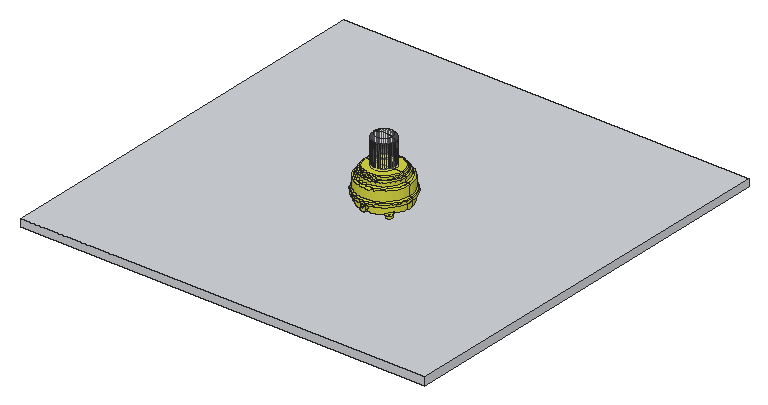
Revit family "EC2N-LED", category Lighting Fixtures, host Face, Revit 2014
Parameters (values of type "EC2N-LED")
  Wings = Paint - Hubbell - Light Silver
  Width = 280.00 mm
  Watts = 55 W
  Wattage Comments = "55W"
  Wattage = 55 W
  Warranty = "5 years Warranty"  # constant formula
  built-in parameter 1150110 = 1 (stored number, unit not read)
  Voltage = 120 V
  URL = "https://www.hubbell.com/chalmit/en"
  built-in parameter 1114217 = 1 (stored number, unit not read)
  Tilt Angle = 90.00°  # constant formula
  built-in parameter 1150109 = 1 (stored number, unit not read)
  built-in parameter 1150134 = 3
  built-in parameter 1150113 = 1 (stored number, unit not read)
  Reflector Finish = Hubbell - White Glass
  Product Link = "https://www.hubbell.com/chalmit/en/Products/Lighting-Controls/Harsh-Hazardous-Lighting/High-Bay---Low-Bay---Well-Glass/Eclipse-II-LED/p/2306511"
  Product Documentation Link = "https://hubbellcdn.com/specsheet/EclipseII_Zone2_Datasheet_V3.pdf"
  Power Factor = 1
  Photometric Web File = "CHL_EC2N_06L_LE.ies"
  Pendent Height [instance] = 97.00 mm
  built-in parameter 1150142 = "﻿IESNA:LM-63-2002\r\n[TEST]BALLABS TEST NO.  17161.0\r\n[TESTLAB] BUILDING ACOUSTICS & LIGHTING LABORATORIES, INC\r\n[ISSUEDATE] 13-MAR-2013\r\n[MANUFAC] Chalmit Lighting\r\n[LUMCAT]EC2N/06L/LE\r\n[LUMINAIRE]Eclipse II Well Glass\r\n[MORE] 24LED (3 PER BOARD) VM4LB05530 SERIES AREA LUMINAIRE     \r\n[MORE] WHITE BULLET HEATSINK & 7.75\"DIA 6.75\"DEEP INTERNAL RIBBED\r\n[MORE] GLASS GLOBE 2 THOMAS RESEARCH LED DRIVERS #TRC-07S070ST    \r\n[LAMPCAT] NICHIA NVSW219BT \r\n[LAMP]LED\r\n[_LUMTYPE] Low Bay\r\n[_LAMPTYPE] LED\r\n[_LAMPMORE] Light Emitting Diodes, White\r\n[_HAZRATING] Zone 2\r\n[_HAZPRO] Ex nA, Ex TC, ATEX\r\n[_ENVIRORATING] IP66\r\n[_AMBIENT] -40°C to +55°C\r\n[_MOUNT] Surface, Ceiling, Suspended, Wall, Stanchion, Pendent\r\n[_KEYWORDS] Wire Guard, Pole, Column, Mast\r\n[_DRAWFILE] ECLIPSE2-LO.dwg\r\n\r\nTILT=NONE\r\n1 -1 1 37 5 1 1 -0.646 -0.646 0.563\r\n1 1 55\r\n0 5 10 15 20 25 30 35 40 45 50 55 60 65 70 75 80 85 90 95 100 105 110 115 120 125 130 135 140 145 150 155 160 165 170 175 180\r\n0 22.5 45 67.5 90\r\n927.00 984.00 981.00 1035.00 1181.00 1172.00 1236.00 1292.00 1223.00 1147.00 1035.00 899.00 791.00 737.00 710.00 615.00 516.00 368.00 291.00 249.00 233.00 207.00 190.00 174.00 144.00 118.00 99.00 73.00 44.00 29.00 15.00 6.00 0.00 0.00 0.00 0.00 0.00\r\n927.00 957.00 999.00 974.00 1010.00 1058.00 973.00 986.00 1118.00 949.00 940.00 893.00 872.00 804.00 671.00 601.00 478.00 378.00 310.00 277.00 251.00 222.00 183.00 145.00 117.00 102.00 78.00 58.00 38.00 23.00 14.00 7.00 0.00 0.00 0.00 0.00 0.00\r\n927.00 934.00 986.00 935.00 1097.00 989.00 1121.00 967.00 980.00 994.00 934.00 899.00 855.00 776.00 685.00 639.00 525.00 425.00 346.00 306.00 275.00 249.00 197.00 152.00 116.00 97.00 74.00 57.00 43.00 29.00 13.00 2.00 0.00 0.00 0.00 0.00 0.00\r\n927.00 941.00 990.00 977.00 1035.00 1025.00 1087.00 1070.00 1085.00 1051.00 1044.00 932.00 874.00 800.00 695.00 625.00 506.00 383.00 294.00 256.00 230.00 210.00 190.00 174.00 144.00 120.00 103.00 77.00 49.00 25.00 15.00 7.00 0.00 0.00 0.00 0.00 0.00\r\n927.00 965.00 963.00 1039.00 1118.00 1141.00 1111.00 1239.00 1097.00 1118.00 1018.00 869.00 782.00 728.00 650.00 562.00 495.00 387.00 297.00 257.00 234.00 200.00 179.00 154.00 123.00 99.00 82.00 66.00 45.00 30.00 14.00 4.00 0.00 0.00 0.00 0.00 0.00\r\n"
  Mounting = Paint - Hubbell - Light Silver
  Model = "EC2N-LED"
  Manufacturer = "Chalmit"  # constant formula
  built-in parameter 1150105 = 437.68 (stored number, unit not read)
  Lumens = 5500 lm
  built-in parameter 1150115 = 1 (stored number, unit not read)
  Load Classification = Lighting
  built-in parameter 1150137 = (empty or 0)
  built-in parameter 1150139 = (empty or 0)
  Length = 245.00 mm
  built-in parameter 1150112 = 1 (stored number, unit not read)
  built-in parameter 1150114 = 1 (stored number, unit not read)
  Lamp = "LED"  # constant formula
  Inner Length = 200.00 mm
  built-in parameter 1150132 = (empty or 0)
  built-in parameter 1150102 = (empty or 0)
  built-in parameter 1150107 = 3200 (stored number, unit not read)
  built-in parameter 1150138 = (empty or 0)
  built-in parameter 1150106 = 4.3768 (stored number, unit not read)
  IP Rating = "IP66/67"  # constant formula
  Housing Material = Paint- Hubbell- Yellow
  Glass = Hubbell - Glass
  Fixture distribution = "Direct"  # constant formula
  Features = "Instant on crisp white light output.\r\nHighly Energy Efficient.\r\n120,000 maintenance free hours at 25°C.\r\nLower power consumption than HID lamps.\r\nLow temperature applications to -40°C."  # constant formula
  Emit from Circle Diameter = 50.00 mm
  Emit Shape Visible in Rendering = no
  built-in parameter 1150104 = 9.2903 (stored number, unit not read)
  Height = 535.00 mm
  Dimming Lamp Color Temperature Shift = <None>
  Description = "The Eclipse II is a Zone 2 LED well-glass up to 15640lm lumens. Utilising the very latest LED technology this 120,000 hour, highly Energy Efficient  luminaire has been designed to make installation quick and simple. It has a lightweight corrosion resistant aluminium body, heat resistant glass and stainless steel fasteners. It has been tested to IP66 and is suitable for use in harsh environments. The lamp and gear chambers are separated for easy maintenance and require no special cable glands. The luminaire also features a swing barrel nut system. This allows prior installation and wiring of the mounting base without the need to support the body and lamps."  # constant formula
  Default Elevation = 1219.20 mm
  Copyright = " ©2020 Chalmit, a division of Hubbell Lighting, Inc"  # constant formula
  Contact = "https://www.hubbell.com/chalmit/en/contactUs"
  Connector Description = "Lighting Connector"  # constant formula
  Color Filter = 16777215
  built-in parameter 1114218 = 1 (stored number, unit not read)
  built-in parameter 1150133 = 10 (stored number, unit not read)
  Assembly Code = "D5020200"
  Apparent Load = Watts / Power Factor  # 55 VA
Reference planes
  plane 1 "Center (Front/Back)": y = 0
  plane 2: z = 14.125
  plane 3 "Center (Left/Right)": x = 0
  plane 4: z = -150.375
  plane 5: x = 122.5
  plane 6: x = -122.5
  plane 7: z = 105.125
  plane 8: x = -100
  plane 9: x = 100
  plane 10: z = 371.125
  plane 11: z = 178.125
Forms (mm)
  Extrusion 1, solid
    sketch origin (0, 0, 0) x (1, 0, 0) y (0, 1, 0)
      loop
        line (-1219.2, 1219.2) -> (-1219.2, -1219.2) -> (1219.2, -1219.2) -> (1219.2, 1219.2) -> (-1219.2, 1219.2)
    from 14.125 to -31.75
  Revolve 2, solid, material "Paint- Hubbell- Yellow" <- "Housing Material"
    sketch origin (0, 0, 0) x (1, 0, 0) y (0, 0, 1)
      loop
        line (0, 14.125) -> (165, 14.125) -> (165, 70.653)
        arc (165, 70.653) -> (164.187, 73.084) -> (162.074, 74.537) r 4.041
        arc (162.074, 74.537) -> (156.528, 78.349) -> (154.393, 84.732) r 10.607
        line (154.393, 84.732) -> (152.474, 139.698)
        arc (152.474, 139.698) -> (149.552, 143.579) -> (144.924, 145.053) r 8
        line (144.924, 145.053) -> (138.203, 145.053)
        arc (138.203, 145.053) -> (132.44, 147.14) -> (129.35, 152.432) r 9
        line (129.35, 152.432) -> (129.35, 172.432)
        arc (129.35, 172.432) -> (127.885, 175.967) -> (124.35, 177.432) r 5
        line (124.35, 177.432) -> (116.14, 177.432)
        arc (116.14, 177.432) -> (114.268, 178.207) -> (113.492, 180.079) r 2.647
        line (113.492, 180.079) -> (113.492, 192.935)
        arc (113.492, 192.935) -> (112.626, 195.748) -> (110.327, 197.587) r 5
        line (110.327, 197.587) -> (0, 197.587) -> (0, 14.125)
      axis (0, 197.587) -> (0, 14.125)
    angle from 0 to 360
  Revolve 3, solid, material "Hubbell - Glass" <- "Glass"
    sketch origin (0, 0, 0) x (1, 0, 0) y (0, 0, 1)
      loop
        line (0, 197.421) -> (70.292, 197.421) -> (67.81, 339.645)
        arc (67.81, 339.645) -> (62.53, 354.555) -> (49.34, 363.286) r 24.925
        arc (49.34, 363.286) -> (24.876, 368.46) -> (0, 371) r 234.457
        line (0, 371) -> (0, 197.421)
      axis (0, 371) -> (0, 197.421)
    angle from 0 to 360
  Extrusion 4, solid, material "Paint- Hubbell- Yellow" <- "Housing Material"
    sketch origin (-0.804, 79.196, 0) x (0, -1, 0) y (0, 0, -1)
      loop
        line (63.393, -63.584) -> (95, -63.584) -> (95, -29.88)
        arc (95, -29.88) -> (79.196, -14.076) -> (63.393, -29.88) r 15.804
        line (63.393, -29.88) -> (63.393, -63.584)
      loop
        circle (79.821, -44.623) r 10
    from 145.573 to 153.939
  Revolve 5, void
    sketch origin (0, 0, 0) x (1, 0, 0) y (0, 0, 1)
      loop
        arc (156.125, 57.864) -> (151.159, 56.24) -> (147.934, 52.128) r 8.99
        line (147.934, 52.128) -> (147.934, 8.597) -> (168.307, 8.597) -> (168.307, 57.864) -> (156.125, 57.864)
      axis (0, 57.864) -> (0, 8.597)
    angle from 0 to 360
  Extrusion 6, solid, material "Paint- Hubbell- Yellow" <- "Housing Material"
    sketch origin (0.804, 79.196, 0) x (0, -1, 0) y (0, 0, 1)
      loop
        line (63.393, 63.584) -> (63.393, 29.88)
        arc (63.393, 29.88) -> (79.196, 14.076) -> (95, 29.88) r 15.804
        line (95, 29.88) -> (95, 63.584) -> (63.393, 63.584)
      loop
        circle (79.821, 44.623) r 10
    from 144.918 to 150.804
  Extrusion 7, solid, material "Paint- Hubbell- Yellow" <- "Housing Material"
    sketch origin (79.196, -0.804, 0) x (-1, 0, 0) y (0, 0, 1)
      loop
        line (63.393, 63.584) -> (63.393, 29.88)
        arc (63.393, 29.88) -> (79.196, 14.076) -> (95, 29.88) r 15.804
        line (95, 29.88) -> (95, 63.584) -> (63.393, 63.584)
      loop
        circle (79.821, 44.623) r 10
    from 146.2 to 155.804
  Extrusion 8, solid, material "Paint- Hubbell- Yellow" <- "Housing Material"
    sketch origin (79.196, 0.804, 0) x (-1, 0, 0) y (0, 0, -1)
      loop
        line (63.393, -63.584) -> (95, -63.584) -> (95, -29.88)
        arc (95, -29.88) -> (79.196, -14.076) -> (63.393, -29.88) r 15.804
        line (63.393, -29.88) -> (63.393, -63.584)
      loop
        circle (79.821, -44.623) r 10
    from 147.581 to 158.939
  Extrusion 9, solid, material "Paint- Hubbell- Yellow" <- "Housing Material"
    sketch origin (0, 0, 0) x (-0.707107, 0.707107, 0) y (-0.707107, -0.707107, 0)
      loop
        line (-182.678, -18.536) -> (-131.791, -30.695)
        arc (-131.791, -30.695) -> (-135.626, -15.56) -> (-136.916, 0) r 94.489
        arc (-136.916, 0) -> (-136.197, 11.63) -> (-134.053, 23.083) r 94.489
        line (-134.053, 23.083) -> (-182.678, 11.464)
        arc (-182.678, 11.464) -> (-194.516, -3.536) -> (-182.678, -18.536) r 15.422
      loop
        circle (-176.443, -3.536) r 3.5
    from 22.332 to 14.125
  Extrusion 10, solid, material "Paint- Hubbell- Yellow" <- "Housing Material"
    sketch origin (0, 0, 0) x (0.707107, -0.707107, 0) y (0.707107, 0.707107, 0)
      loop
        arc (-175.607, 11.464) -> (-187.445, -3.536) -> (-175.607, -18.536) r 15.422
        line (-175.607, -18.536) -> (-126.982, -30.154)
        arc (-126.982, -30.154) -> (-129.126, -18.701) -> (-129.845, -7.071) r 94.489
        arc (-129.845, -7.071) -> (-128.555, 8.489) -> (-124.72, 23.624) r 94.489
        line (-124.72, 23.624) -> (-175.607, 11.464)
      loop
        circle (-169.372, -3.536) r 3.5
    from 22.332 to 14.125
  Extrusion 11, void
    sketch origin (0, 0, 0) x (1, 0, 0) y (0, 1, 0)
      loop
        line (-4.603, 71.864) -> (-4.603, 66.864) -> (4.147, 66.864) -> (4.147, 71.864) -> (-4.603, 71.864)
      loop
        line (14.154, 70.607) -> (12.859, 65.777) -> (21.311, 63.513) -> (22.605, 68.342) -> (14.154, 70.607)
      loop
        line (31.946, 64.538) -> (29.446, 60.208) -> (37.023, 55.833) -> (39.523, 60.163) -> (31.946, 64.538)
      loop
        line (47.561, 54.071) -> (44.025, 50.535) -> (50.212, 44.348) -> (53.748, 47.884) -> (47.561, 54.071)
      loop
        line (59.935, 39.919) -> (55.605, 37.419) -> (59.98, 29.841) -> (64.31, 32.341) -> (59.935, 39.919)
      loop
        line (68.224, 23.046) -> (63.395, 21.752) -> (65.659, 13.3) -> (70.489, 14.594) -> (68.224, 23.046)
      loop
        line (71.864, 4.603) -> (66.864, 4.603) -> (66.864, -4.147) -> (71.864, -4.147) -> (71.864, 4.603)
      loop
        line (-14.154, 70.607) -> (-22.605, 68.342) -> (-21.311, 63.513) -> (-12.859, 65.777) -> (-14.154, 70.607)
      loop
        line (-31.946, 64.538) -> (-39.523, 60.163) -> (-37.023, 55.833) -> (-29.446, 60.208) -> (-31.946, 64.538)
      loop
        line (-47.561, 54.071) -> (-53.748, 47.884) -> (-50.212, 44.348) -> (-44.025, 50.535) -> (-47.561, 54.071)
      loop
        line (-59.935, 39.919) -> (-64.31, 32.341) -> (-59.98, 29.841) -> (-55.605, 37.419) -> (-59.935, 39.919)
      loop
        line (-68.224, 23.046) -> (-70.489, 14.594) -> (-65.659, 13.3) -> (-63.395, 21.752) -> (-68.224, 23.046)
      loop
        line (-71.864, 4.603) -> (-71.864, -4.147) -> (-66.864, -4.147) -> (-66.864, 4.603) -> (-71.864, 4.603)
      loop
        line (-4.603, -71.864) -> (4.147, -71.864) -> (4.147, -66.864) -> (-4.603, -66.864) -> (-4.603, -71.864)
      loop
        line (14.154, -70.607) -> (22.605, -68.342) -> (21.311, -63.513) -> (12.859, -65.777) -> (14.154, -70.607)
      loop
        line (31.946, -64.538) -> (39.523, -60.163) -> (37.023, -55.833) -> (29.446, -60.208) -> (31.946, -64.538)
      loop
        line (47.561, -54.071) -> (53.748, -47.884) -> (50.212, -44.348) -> (44.025, -50.535) -> (47.561, -54.071)
      loop
        line (59.935, -39.919) -> (64.31, -32.341) -> (59.98, -29.841) -> (55.605, -37.419) -> (59.935, -39.919)
      loop
        line (68.224, -23.046) -> (70.489, -14.594) -> (65.659, -13.3) -> (63.395, -21.752) -> (68.224, -23.046)
      loop
        line (-14.154, -70.607) -> (-12.859, -65.777) -> (-21.311, -63.513) -> (-22.605, -68.342) -> (-14.154, -70.607)
      loop
        line (-31.946, -64.538) -> (-29.446, -60.208) -> (-37.023, -55.833) -> (-39.523, -60.163) -> (-31.946, -64.538)
      loop
        line (-47.561, -54.071) -> (-44.025, -50.535) -> (-50.212, -44.348) -> (-53.748, -47.884) -> (-47.561, -54.071)
      loop
        line (-59.935, -39.919) -> (-55.605, -37.419) -> (-59.98, -29.841) -> (-64.31, -32.341) -> (-59.935, -39.919)
      loop
        line (-68.224, -23.046) -> (-63.395, -21.752) -> (-65.659, -13.3) -> (-70.489, -14.594) -> (-68.224, -23.046)
    from 356.096 to 211.752
  Revolve 12, solid, material "Hubbell - Glass" <- "Glass"
    sketch origin (0, 0, 0) x (1, 0, 0) y (0, 0, 1)
      loop
        line (0, 197.421) -> (50, 197.421)
        arc (50, 197.421) -> (45.353, 225.219) -> (40.362, 252.958) r 2268.148
        arc (40.362, 252.958) -> (35.545, 264.041) -> (26.376, 271.913) r 26.999
        arc (26.376, 271.913) -> (13.463, 277.856) -> (0, 282.418) r 135.827
        line (0, 282.418) -> (0, 197.421)
      axis (0, 282.418) -> (0, 197.421)
    angle from 0 to 360
Cuts and joins
  Revolve 5 cuts Revolve 2
  joined: Revolve 2, Extrusion 9, Extrusion 10
  Extrusion 11 cuts Revolve 3
Dimensions and locks
  plane 2 to plane 4 = 164.50 mm
  "Length": plane 5 to plane 6
  equal spacing: plane 5, plane 3 "Center (Left/Right)", plane 6
  "Inner Length": plane 9 to plane 8
  equal spacing: plane 9, plane 3 "Center (Left/Right)", plane 8
  plane 11 to Extrusion 1 = 164.00 mm
  plane 10 to Extrusion 1 = 357.00 mm
  aligned and locked: plane 2 to Extrusion 1
Automatic sketch dimensions
  Extrusion 1 sketch curve to Extrusion 1 sketch curve = 2438.40 mm  (x2)
  Revolve 3 sketch curve to plane 3 "Center (Left/Right)" = 0.00 mm  (x2)
  Revolve 3 sketch curve to plane 3 "Center (Left/Right)" = 11.342 mm
  plane 3 "Center (Left/Right)" to Revolve 3 sketch curve = 42.889 mm
  Revolve 3 sketch curve to Revolve 3 sketch curve = 24.921 mm
  Revolve 3 sketch curve to plane 9 = 29.708 mm
  Revolve 3 sketch curve to Revolve 3 sketch curve = 0.435 mm
  Revolve 3 sketch curve to plane 7 = 31.692 mm
  Extrusion 4 sketch curve to plane 1 "Center (Front/Back)" = 0.00 mm
  Extrusion 4 sketch curve to plane 1 "Center (Front/Back)" = 15.804 mm
  plane 1 "Center (Front/Back)" to Extrusion 4 sketch curve = 0.625 mm
  plane 7 to Extrusion 4 sketch curve = 41.541 mm
  Extrusion 4 sketch curve to Extrusion 4 sketch curve = 18.962 mm
  plane 2 to Extrusion 4 sketch curve = 15.755 mm
  Revolve 5 sketch curve to plane 3 "Center (Left/Right)" = 0.00 mm
  plane 5 to Revolve 5 sketch curve = 33.625 mm
  plane 5 to Revolve 5 sketch curve = 33.815 mm
  plane 5 to Revolve 5 sketch curve = 45.807 mm
  Revolve 5 sketch curve to plane 2 = 5.528 mm
  Revolve 5 sketch curve to Revolve 5 sketch curve = 3.252 mm
  Revolve 5 sketch curve to level = 50.875 mm
  Revolve 5 sketch curve to Revolve 5 sketch curve = 30.00 mm
  Extrusion 6 sketch curve to plane 1 "Center (Front/Back)" = 0.00 mm
  Extrusion 6 sketch curve to plane 1 "Center (Front/Back)" = 15.804 mm
  plane 1 "Center (Front/Back)" to Extrusion 6 sketch curve = 0.625 mm
  plane 2 to Extrusion 6 sketch curve = 15.755 mm
  Extrusion 6 sketch curve to Extrusion 6 sketch curve = 14.743 mm
  Extrusion 6 sketch curve to Extrusion 6 sketch curve = 18.962 mm
  Extrusion 7 sketch curve to plane 3 "Center (Left/Right)" = 0.00 mm
  plane 3 "Center (Left/Right)" to Extrusion 7 sketch curve = 15.804 mm
  Extrusion 7 sketch curve to plane 3 "Center (Left/Right)" = 0.625 mm
  plane 2 to Extrusion 7 sketch curve = 15.755 mm
  Extrusion 7 sketch curve to Extrusion 7 sketch curve = 14.743 mm
  Extrusion 7 sketch curve to Extrusion 7 sketch curve = 18.962 mm
  Extrusion 8 sketch curve to plane 3 "Center (Left/Right)" = 0.00 mm
  plane 3 "Center (Left/Right)" to Extrusion 8 sketch curve = 15.804 mm
  Extrusion 8 sketch curve to plane 3 "Center (Left/Right)" = 0.625 mm
  plane 7 to Extrusion 8 sketch curve = 41.541 mm
  Extrusion 8 sketch curve to Extrusion 8 sketch curve = 18.962 mm
  plane 2 to Extrusion 8 sketch curve = 15.755 mm
  Extrusion 9 sketch curve to Extrusion 9 sketch curve = 0.00 mm  (x3)
  Extrusion 9 sketch curve to plane 1 "Center (Front/Back)" = 30.00 mm
  Extrusion 9 sketch curve to plane 3 "Center (Left/Right)" = 30.00 mm
  Extrusion 9 sketch curve to Extrusion 9 sketch curve = 89.365 mm
  Extrusion 9 sketch curve to Extrusion 9 sketch curve = 2.262 mm
  Extrusion 9 sketch curve to Extrusion 9 sketch curve = 42.39 mm
  Extrusion 9 sketch curve to Extrusion 9 sketch curve = 2.65 mm
  Extrusion 9 sketch curve to Extrusion 9 sketch curve = 3.584 mm  (x2)
  Extrusion 9 sketch curve to Extrusion 9 sketch curve = 11.464 mm
  Extrusion 9 sketch curve to Extrusion 9 sketch curve = 23.083 mm
  Extrusion 9 sketch curve to Extrusion 9 sketch curve = 15.00 mm
  Extrusion 10 sketch curve to Extrusion 10 sketch curve = 0.00 mm  (x3)
  Extrusion 10 sketch curve to plane 1 "Center (Front/Back)" = 20.00 mm
  Extrusion 10 sketch curve to plane 3 "Center (Left/Right)" = 30.00 mm
  Extrusion 10 sketch curve to Extrusion 10 sketch curve = 89.365 mm
  Extrusion 10 sketch curve to Extrusion 10 sketch curve = 2.262 mm
  Extrusion 10 sketch curve to Extrusion 10 sketch curve = 42.39 mm
  Extrusion 10 sketch curve to Extrusion 10 sketch curve = 2.65 mm
  Extrusion 10 sketch curve to Extrusion 10 sketch curve = 3.584 mm  (x2)
  Extrusion 10 sketch curve to Extrusion 10 sketch curve = 11.464 mm
  Extrusion 10 sketch curve to Extrusion 10 sketch curve = 23.083 mm
  Extrusion 10 sketch curve to Extrusion 10 sketch curve = 15.00 mm
  Extrusion 11 sketch curve to plane 1 "Center (Front/Back)" = 4.603 mm  (x2)
  plane 8 to Extrusion 11 sketch curve = 28.136 mm
  plane 1 "Center (Front/Back)" to Extrusion 11 sketch curve = 14.594 mm
  Extrusion 11 sketch curve to Extrusion 11 sketch curve = 1.375 mm  (x2)
  Extrusion 11 sketch curve to plane 1 "Center (Front/Back)" = 14.594 mm
  Extrusion 11 sketch curve to Extrusion 11 sketch curve = 2.265 mm  (x8)
  Extrusion 11 sketch curve to Extrusion 11 sketch curve = 5.00 mm  (x4)
  plane 1 "Center (Front/Back)" to Extrusion 11 sketch curve = 13.30 mm  (x2)
  Extrusion 11 sketch curve to Extrusion 11 sketch curve = 4.83 mm  (x4)
  Extrusion 11 sketch curve to plane 1 "Center (Front/Back)" = 13.30 mm  (x2)
  Extrusion 11 sketch curve to Extrusion 11 sketch curve = 3.914 mm  (x2)
  Extrusion 11 sketch curve to Extrusion 11 sketch curve = 4.33 mm  (x8)
  Extrusion 11 sketch curve to Extrusion 11 sketch curve = 4.375 mm  (x4)
  Extrusion 11 sketch curve to Extrusion 11 sketch curve = 6.187 mm  (x6)
  Extrusion 11 sketch curve to Extrusion 11 sketch curve = 3.536 mm  (x8)
  Extrusion 11 sketch curve to Extrusion 11 sketch curve = 8.037 mm  (x2)
  Extrusion 11 sketch curve to Extrusion 11 sketch curve = 2.50 mm  (x8)
  Extrusion 11 sketch curve to Extrusion 11 sketch curve = 7.578 mm  (x4)
  Extrusion 11 sketch curve to Extrusion 11 sketch curve = 9.34 mm  (x2)
  Extrusion 11 sketch curve to Extrusion 11 sketch curve = 1.294 mm  (x5)
  Extrusion 11 sketch curve to Extrusion 11 sketch curve = 8.452 mm  (x4)
  Extrusion 11 sketch curve to plane 3 "Center (Left/Right)" = 4.603 mm  (x2)
  plane 3 "Center (Left/Right)" to Extrusion 11 sketch curve = 4.147 mm  (x2)
  Extrusion 11 sketch curve to Extrusion 11 sketch curve = 8.713 mm  (x2)
  Extrusion 11 sketch curve to Extrusion 11 sketch curve = 8.134 mm  (x2)
  Extrusion 11 sketch curve to Extrusion 11 sketch curve = 7.002 mm  (x2)
  Extrusion 11 sketch curve to Extrusion 11 sketch curve = 5.392 mm  (x2)
  Extrusion 11 sketch curve to Extrusion 11 sketch curve = 3.415 mm  (x2)
  Extrusion 11 sketch curve to Extrusion 11 sketch curve = 1.205 mm
  Extrusion 11 sketch curve to Extrusion 11 sketch curve = 9.746 mm
  Extrusion 11 sketch curve to Extrusion 11 sketch curve = 8.089 mm  (x4)
  Extrusion 11 sketch curve to Extrusion 11 sketch curve = 6.929 mm  (x4)
  Extrusion 11 sketch curve to Extrusion 11 sketch curve = 5.298 mm  (x4)
  Extrusion 11 sketch curve to Extrusion 11 sketch curve = 3.305 mm  (x4)
  Extrusion 11 sketch curve to Extrusion 11 sketch curve = 1.087 mm  (x2)
  plane 1 "Center (Front/Back)" to Extrusion 11 sketch curve = 4.147 mm  (x2)
  Revolve 3 sketch curve to Revolve 3 sketch curve = 7.714 mm
  Revolve 3 sketch curve to Revolve 3 sketch curve = 61.875 mm
  Revolve 3 sketch curve to plane 11 = 19.296 mm
  plane 10 to Revolve 3 sketch curve = 31.915 mm
  Revolve 3 sketch curve to plane 11 = 6.00 mm
  Revolve 5 sketch curve to Revolve 5 sketch curve = 8.381 mm
  plane 2 to Revolve 5 sketch curve = 34.751 mm
  Revolve 2 sketch curve to plane 3 "Center (Left/Right)" = 0.00 mm  (x2)
  Revolve 2 sketch curve to plane 2 = 0.00 mm
  plane 9 to Revolve 2 sketch curve = 8.492 mm
  Revolve 2 sketch curve to Revolve 2 sketch curve = 1.834 mm
  Revolve 2 sketch curve to Revolve 2 sketch curve = 5.00 mm  (x2)
  plane 11 to Revolve 2 sketch curve = 0.693 mm
  Revolve 2 sketch curve to Revolve 2 sketch curve = 2.647 mm
  plane 5 to Revolve 2 sketch curve = 1.85 mm
  Revolve 2 sketch curve to Revolve 2 sketch curve = 8.853 mm
  Revolve 2 sketch curve to Revolve 2 sketch curve = 6.721 mm
  Revolve 2 sketch curve to Revolve 2 sketch curve = 7.55 mm
  plane 5 to Revolve 2 sketch curve = 31.893 mm
  Revolve 2 sketch curve to Revolve 2 sketch curve = 6.566 mm
  plane 5 to Revolve 2 sketch curve = 42.50 mm
  Revolve 2 sketch curve to Revolve 2 sketch curve = 10.607 mm
  plane 7 to Revolve 2 sketch curve = 34.472 mm
  Revolve 2 sketch curve to Revolve 2 sketch curve = 14.079 mm
  Revolve 2 sketch curve to plane 7 = 31.928 mm
  Revolve 2 sketch curve to Revolve 2 sketch curve = 2.645 mm
  Revolve 2 sketch curve to Revolve 2 sketch curve = 7.379 mm
  Revolve 2 sketch curve to Revolve 2 sketch curve = 12.856 mm
  Revolve 2 sketch curve to plane 4 = 85.50 mm
  Revolve 2 sketch curve to plane 10 = 33.00 mm
  Revolve 12 sketch curve to plane 3 "Center (Left/Right)" = 0.00 mm  (x2)
  Revolve 12 sketch curve to plane 3 "Center (Left/Right)" = 36.794 mm
  Revolve 12 sketch curve to plane 4 = 12.233 mm
  Revolve 12 sketch curve to plane 6 = 2066.891 mm
  plane 3 "Center (Left/Right)" to Revolve 12 sketch curve = 13.82 mm
  Revolve 12 sketch curve to plane 11 = 19.296 mm
  plane 3 "Center (Left/Right)" to Revolve 12 sketch curve = 50.00 mm
  plane 11 to Revolve 12 sketch curve = 26.456 mm
  Revolve 12 sketch curve to Revolve 12 sketch curve = 50.59 mm
  Revolve 12 sketch curve to Revolve 12 sketch curve = 34.407 mm
  Revolve 12 sketch curve to Revolve 12 sketch curve = 0.00 mm
  Revolve 12 sketch curve to level = 13.875 mm
  Revolve 12 sketch curve to plane 10 = 95.00 mm
  radius of Extrusion 4 sketch curve = 10.00 mm
  radius of Extrusion 6 sketch curve = 10.00 mm
  radius of Extrusion 7 sketch curve = 10.00 mm
  radius of Extrusion 8 sketch curve = 10.00 mm
  radius of Extrusion 9 sketch curve = 3.50 mm
  radius of Extrusion 10 sketch curve = 3.50 mm
Connectors
  electrical at (67.853, -64.938, 14.125), driven by "Voltage", driven by "Apparent Load", driven by "Power Factor", driven by "Connector Description"
    settings: on cut or joined group of Revolve 2, Revolve 5, Extrusion 9, Extrusion 10, index 1, voltage 120 V, apparent load 55 VA, apparent load phase1 0 VA, apparent load phase2 0 VA, apparent load phase3 0 VA, power factor 1, load classification "Other", number of poles 1, system type 30, power factor state 1, is connector primary yes, connector utility no, sub classification motor no, connector description "Lighting Connector"
